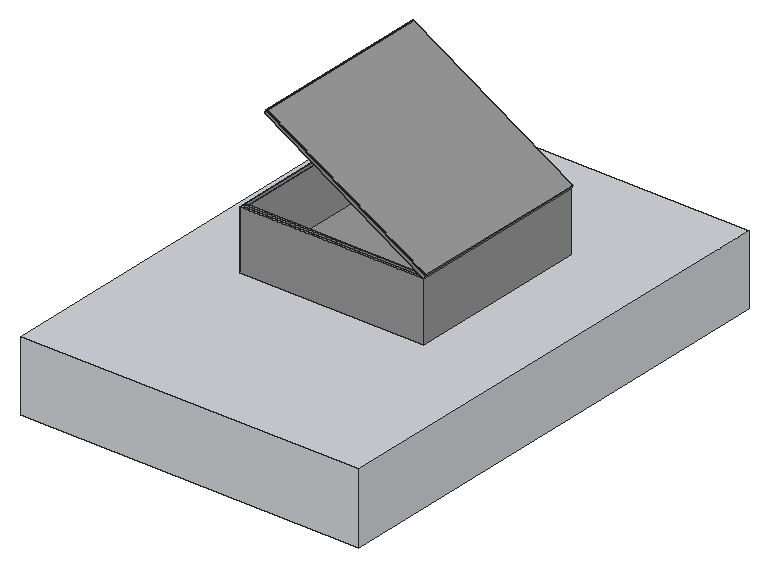
Revit family "Hager-Univers-IP55-D275-H800-Cl.I-Steel_encl-PL-en", category Equipement électrique, Revit 2020
Family settings
  Hôte = Face
  Configuration du panneau = Deux colonnes, circuits au sein
  Cote de connecteur circulaire = Utiliser le diamètre
  Type d'élément = Tableau de raccordement
  Couper avec des vides une fois chargée = Non
  Partagée = Non
  Point de calcul de pièce = Non
Parameters (values of type "Surface mounted (plaster) IP55 W800 H800 D275  - FR53E")
  Width Control [instance] = if([EF000008 - Width] > Min Width, [EF000008 - Width], Min Width)  # 800 mm
  Commentaires du type = [HG000003 - Range]  # "Univers"
  Thickness Door [instance] = if([EF009171 - Material plate thickness door/cover] > 3 mm, 3 mm, [EF009171 - Material plate thickness door/cover])  # 1.5 mm
  Seal Frame Offset [instance] = 17 mm  # constant formula
  Plinth Visibility [instance] = [HG000027 - Plinth height] > 0 mm  # no
  Model = ""
  Min Width [instance] = 100 mm  # constant formula
  Min Height [instance] = 100 mm  # constant formula
  Min Depth [instance] = (2 * [EF009170 - Material plate thickness cabinet]) + 1 mm  # 4 mm
  Internal Frame Depth [instance] = (Door System Depth * 0.5)  # 9 mm
  Height Control [instance] = if([EF000040 - Height] > Min Height, [EF000040 - Height], Min Height)  # 800 mm
  HG000027 - Plinth height = 0 mm
  HG000026 - Floor standing = no
  HG000024 - Bottom section height = 800 mm
  HG000023 - Double section enclosure = no
  HG000016 - Door 3d visibility [instance] = yes
  HG000015 - Clearance visibility [instance] = no
  HG000014 - Door on the right [instance] = yes
  HG000013 - Door on the left [instance] = not([HG000014 - Door on the right])  # no
  HG000012 - Door swing angle [instance] = 30.00°
  HG000010 - Asymmetric doors = no
  HG000009 - Double swing door = no
  HG000006 - Flush mounted = no
  HG000004 - Manufacturer reference = "FR53E"
  HG000003 - Range = "Univers"
  HG000002 - With door or cover = yes
  Frame Offset Bottom [instance] = 10 mm  # constant formula
  Frame Offset [instance] = 15 mm  # constant formula
  EF015940 - Cover with overpressure release = no
  EF011959 - Degree of protection (NEMA) = ""
  EF009554 - Number of openings for flange plates = 6
  EF009212 - Cover model = "EV000116 - Closed"
  EF009171 - Material plate thickness door/cover = 1.5 mm
  EF009170 - Material plate thickness cabinet = 1.5 mm
  Fabricant = "Hager"  # constant formula
  EF008873 - Nominal current (In) = 800 A
  EF007800 - Suitable for lightning protection = no
  EF006306 - With lock = no
  EF006244 - Transparent cover/door = no
  EF005474 - Degree of protection (IP) = "EV006420 - IP55"
  EF004464 - Type of door = "EV002646 - Single"
  EF004427 - Number of modules = 180
  EF004293 - Impact strength = "EV008784 - IK10"
  EF003532 - Suitable for outdoor use = no
  EF002950 - Width in number of modular spacings = 24
  EF001613 - Circuit integrity = "EV000494 - None"
  EF001596 - Material housing = "EV000179 - Steel"
  EF001131 - Internal depth = 275 mm
  EF001088 - Extension possible = yes
  EF000437 - Number of conduit inlets = 6
  EF000339 - Type of cover = "EV004216 - Door"
  EF000266 - Number of rows = 5
  EF000218 - Built-in depth = 0 mm
  EF000118 - With mounting plate = no
  EF000116 - RAL-number = "7035"
  EF000049 - Depth = 275 mm
  EF000040 - Height = 800 mm
  EF000008 - Width = 800 mm
  EF000007 - Colour = "EV000270 - Grey"
  EF000003 - Mounting method = "EV000384 - Surface mounted (plaster)"
  Door System Leaf Tolerance [instance] = 1.5 mm  # constant formula
  Door System Depth [instance] = 18 mm  # constant formula
  Door Height [instance] = Height Control - [HG000027 - Plinth height]  # 800 mm
  Depth Control [instance] = if([EF000049 - Depth] > Min Depth, [EF000049 - Depth], Min Depth)  # 275 mm
  Default Elevation = 0 mm
  Connector Offset [instance] = Height Control / 2  # 400 mm
  Bottom Top Plate Trim [instance] = 1.5 mm  # constant formula
  Plinth height Ctrl [instance] = if([HG000027 - Plinth height] > 0 mm, [HG000027 - Plinth height], 12 mm)  # 12 mm
Types (5, lengths in mm): name | Width Control | HG000010 - Asymmetric doors | HG000009 - Double swing door | HG000004 - Manufacturer reference | EF009554 - Number of openings for flange plates | EF004464 - Type of door | EF004427 - Number of modules | EF000437 - Number of conduit inlets | EF000008 - Width
  Surface mounted (plaster) IP55 W1050 H800 D275  - FR54E | 1050 | no | yes | "FR54E" | 8 | "EV003602 - Double" | 240 | 8 | 1050
  Surface mounted (plaster) IP55 W1300 H800 D275  - FR55E | 1300 | yes | yes | "FR55E" | 10 | "EV003602 - Double" | 300 | 10 | 1300
  Surface mounted (plaster) IP55 W300 H800 D275  - FR51E | 300 | no | no | "FR51E" | 2 | "EV002646 - Single" | 60 | 2 | 300
  Surface mounted (plaster) IP55 W550 H800 D275  - FR52E | 550 | no | no | "FR52E" | 4 | "EV002646 - Single" | 120 | 4 | 550
  Surface mounted (plaster) IP55 W800 H800 D275  - FR53E | 800 | no | no | "FR53E" | 6 | "EV002646 - Single" | 180 | 6 | 800
Reference planes
  plane 1 "Center (Front/Back)": y = 0
  plane 2: z = 0
  plane 3 "Center (Left/Right)": x = 0
  plane 4: z = 275
  plane 5: y = 1.5
  plane 6: y = 400
  plane 7: y = 0
  plane 8: y = 800
  plane 9: z = 0
  plane 10: x = -385
  plane 11: x = 385
  plane 12: x = 383.5
  plane 13: x = -383.5
  plane 14: y = 798.5
  plane 15: x = -383
  plane 16: x = -400
  plane 17: x = 383
  plane 18: x = 400
  plane 19: x = 398.5
  plane 20: x = -398.5
  plane 21: y = 11.5
  plane 22: y = 800
  plane 23: y = 783.5
  plane 24: z = 257
  plane 25: z = 1.5
  plane 26: z = 255.5
  plane 27: z = 273.5
Forms (mm)
  Extrusion 1, solid
    sketch origin (0, 0, 0) x (1, 0, 0) y (0, 1, 0)
      loop
        line (-702.964, 1305) -> (-702.964, -811.445) -> (766.763, -811.445) -> (766.763, 1305) -> (-702.964, 1305)
    from 0 to -304.8
  Extrusion 2, solid, material "Hager_Steel_RAL7035_Light_Grey", visible <- "Plinth Visibility", detail levels medium+fine
    sketch origin (0, 0, 0) x (1, 0, 0) y (0, 1, 0)
      loop
        line (-400, 0) -> (400, 0) -> (400, 12) -> (-400, 12) -> (-400, 0)
    from 0 to 257
  Extrusion 3, solid, material "Hager_Steel_RAL7035_Light_Grey", detail levels medium+fine
    sketch origin (0, 0, 0) x (1, 0, 0) y (0, 1, 0)
      loop
        line (-400, 0) -> (400, 0) -> (400, 800) -> (-400, 800) -> (-400, 0)
    from 0 to 257
  Extrusion 4, void
    sketch origin (0, 0, 0) x (1, 0, 0) y (0, 1, 0)
      loop
        line (-398.5, 1.5) -> (398.5, 1.5) -> (398.5, 798.5) -> (-398.5, 798.5) -> (-398.5, 1.5)
    from 1.5 to 255.5
  Extrusion 5, void
    sketch origin (-381.607, -4572, 257) x (0, -1, 0) y (-1, 0, 0)
      loop
        line (-4583.5, 1.893) -> (-5355.5, 1.893) -> (-5355.5, -765.107) -> (-4583.5, -765.107) -> (-4583.5, 1.893)
    from 0 to 1.5 <- "EF009170 - Material plate thickness cabinet"
  Extrusion 6, solid, material "Hager_Steel_RAL7035_Light_Grey", detail levels fine
    sketch origin (0, 0, 257) x (1, 0, 0) y (0, 1, 0)
      loop
        line (-383.5, 783.5) -> (-383.5, 11.5) -> (383.5, 11.5) -> (383.5, 783.5) -> (-383.5, 783.5)
      loop
        line (-385, 10) -> (385, 10) -> (385, 785) -> (-385, 785) -> (-385, 10)
    from 0 to 9 <- "Internal Frame Depth"
  Extrusion 7, solid, material "Hager_Steel_RAL7035_Light_Grey", detail levels coarse
    sketch origin (0, 0, 0) x (1, 0, 0) y (0, 1, 0)
      loop
        line (-400, 0) -> (400, 0) -> (400, 800) -> (-400, 800) -> (-400, 0)
    from 0 to 275
  Sweep 8, void
    path in 3D
      loop
        line (-400, 12, 0) -> (400, 12, 0) -> (400, 12, 257) -> (-400, 12, 257) -> (-400, 12, 0)
    profile origin (-400, 12, 128.5) x (-1, 0, 0) y (0, -1, 0)
      loop
        line (0, 0) -> (0, 1.5) -> (-1.5, 1.5)
        arc (-1.5, 1.5) -> (-1.061, 0.439) -> (0, 0) r 1.5
Cuts and joins
  Extrusion 4, Extrusion 5 cuts Extrusion 3
  Sweep 8 cuts Extrusion 2
Lines and regions (mm)
  Masking region 1
    outline origin (0, 0, 0) x (1, 0, 0) y (0, 0, 1)
      loop
        line (-400, 275) -> (-400, 0) -> (400, 0) -> (400, 275) -> (-400, 275)
  Masking region 2, detail levels medium+fine
    outline origin (0, 140, 0) x (0, 1, 0) y (0, 0, 1)
      loop
        line (-140, 0) -> (660, 0) -> (660, 257) -> (-140, 257) -> (-140, 0)
  Masking region 3, not visible, detail levels medium+fine
    outline origin (0, 297.922, 0) x (0, 1, 0) y (0, 0, 1)
      loop
        line (113.578, 0) -> (153.578, 0) -> (153.578, 263.5)
        arc (153.578, 263.5) -> (150.649, 270.571) -> (143.578, 273.5) r 10
        line (143.578, 273.5) -> (113.578, 273.5) -> (113.578, 0)
  Masking region 4, detail levels coarse
    outline origin (0, 0, 180) x (0, 1, 0) y (0, 0, 1)
      loop
        line (0, -180) -> (800, -180) -> (800, 95) -> (0, 95) -> (0, -180)
  Masking region 5, visible <- "Plinth Visibility", detail levels medium+fine
    outline origin (0, 52.24, 12.345) x (0, 0, -1) y (0, 1, 0)
      loop
        line (10.845, -40.24) -> (-243.155, -40.24)
        arc (-243.155, -40.24) -> (-243.594, -41.301) -> (-244.655, -41.74) r 1.5
        line (-244.655, -41.74) -> (-244.655, -52.24) -> (12.345, -52.24) -> (12.345, -41.74)
        arc (12.345, -41.74) -> (11.285, -41.301) -> (10.845, -40.24) r 1.5
  Masking region 6, detail levels medium+fine
    outline origin (-381.607, -4572, 257) x (-1, 0, 0) y (0, -1, 0)
      loop
        line (18.393, -5372) -> (18.393, -4572) -> (-781.607, -4572) -> (-781.607, -5372) -> (18.393, -5372)
  Masking region 7, visible <- "Plinth Visibility", detail levels medium+fine
    outline origin (-381.607, -4727, 257) x (-1, 0, 0) y (0, -1, 0)
      loop
        arc (16.893, -4739) -> (17.332, -4737.939) -> (18.393, -4737.5) r 1.5
        line (18.393, -4737.5) -> (18.393, -4727) -> (-781.607, -4727) -> (-781.607, -4737.5)
        arc (-781.607, -4737.5) -> (-780.546, -4737.939) -> (-780.107, -4739) r 1.5
        line (-780.107, -4739) -> (16.893, -4739)
  Masking region 8, detail levels coarse
    outline origin (-442.548, -4669.526, 257) x (-1, 0, 0) y (0, -1, 0)
      loop
        line (-42.548, -5469.526) -> (-42.548, -4669.526) -> (-842.548, -4669.526) -> (-842.548, -5469.526) -> (-42.548, -5469.526)
  sketch lines
    curve 1: line (-400, 12, 257) -> (-400, 12, 0)
    curve 2: line (400, 12, 257) -> (-400, 12, 257)
    curve 3: line (400, 12, 257) -> (400, 12, 0)
    curve 4: line (-400, 12, 0) -> (400, 12, 0)
Dimensions and locks
  "Depth Control": plane 4 to Extrusion 1
  "HG000027 - Plinth height": plane 1 "Center (Front/Back)" to plane 7
  "EF009170 - Material plate thickness cabinet": plane 5 to plane 7
  locked: connector elem to plane 3 "Center (Left/Right)"
  equal spacing: plane 8, plane 6, plane 7
  locked: connector elem to plane 6
  "EF009170 - Material plate thickness cabinet": plane 8 to plane 14
  "EF009170 - Material plate thickness cabinet": plane 10 to plane 13
  "EF009170 - Material plate thickness cabinet": plane 12 to plane 11
  "Frame Offset": plane 20 to plane 13
  "Frame Offset": plane 12 to plane 19
  "EF009170 - Material plate thickness cabinet": plane 16 to plane 20
  "EF009170 - Material plate thickness cabinet": plane 19 to plane 18
  "Seal Frame Offset": plane 16 to plane 15
  "Seal Frame Offset": plane 17 to plane 18
  "Frame Offset Bottom": plane 21 to plane 5
  "Frame Offset": plane 14 to plane 23
  equal spacing: plane 16, plane 3 "Center (Left/Right)", plane 18
  "Width Control": plane 16 to plane 18
  "EF009170 - Material plate thickness cabinet": plane 4 to plane 27
  "EF009170 - Material plate thickness cabinet": plane 24 to plane 26
  "EF009170 - Material plate thickness cabinet": plane 25 to level
  "Door System Depth": plane 4 to plane 24
  "Height Control": plane 1 "Center (Front/Back)" to Extrusion 7 sketch curve
  "Height Control": Masking region 4 sketch curve to plane 1 "Center (Front/Back)"
  "Height Control": plane 1 "Center (Front/Back)" to plane 22
  "Bottom Top Plate Trim": profile plane to Sweep 8 sketch curve
  "Bottom Top Plate Trim": Sweep 8 sketch curve to profile plane
  "Plinth height Ctrl": plane 1 "Center (Front/Back)" to Extrusion 2 sketch curve
  "Plinth height Ctrl": Masking region 5 sketch curve to plane 1 "Center (Front/Back)"
  "Plinth height Ctrl": plane 1 "Center (Front/Back)" to Masking region 7 sketch curve
  "Thickness Door": Extrusion 6 sketch curve to Extrusion 6 sketch curve  (x3)
  "Thickness Door": cut or joined group of Extrusion 3, Extrusion 4, Extrusion 5 to Extrusion 6 sketch curve
  radius of Masking region 3 sketch curve = 10 mm
  "Bottom Top Plate Trim": radius of Masking region 5 sketch curve  (x2)
  "Bottom Top Plate Trim": radius of Sweep 8 sketch curve
  "Bottom Top Plate Trim": radius of Masking region 7 sketch curve  (x2)
  aligned and locked: plane 2 to Extrusion 1
  aligned and locked: level to Extrusion 1
  aligned and locked: level to Masking region 1 sketch curve
  aligned and locked: Masking region 1 sketch curve to plane 18
  aligned and locked: Masking region 1 sketch curve to plane 16
  aligned and locked: plane 7 to Masking region 2 sketch curve
  aligned and locked: level to Masking region 3 sketch curve
  aligned and locked: Masking region 3 sketch curve to plane 27
  aligned and locked: level to Masking region 2 sketch curve
  aligned and locked: plane 1 "Center (Front/Back)" to Extrusion 2 sketch curve
  aligned and locked: Extrusion 3 sketch curve to plane 7
  aligned and locked: plane 16 to Extrusion 3 sketch curve
  aligned and locked: plane 18 to Extrusion 3 sketch curve
  aligned and locked: plane 20 to Extrusion 4 sketch curve
  aligned and locked: plane 19 to Extrusion 4 sketch curve
  aligned and locked: Extrusion 4 sketch curve to plane 5
  aligned and locked: Extrusion 4 to plane 25
  aligned and locked: plane 26 to Extrusion 4
  aligned and locked: plane 24 to Extrusion 3
  aligned and locked: Extrusion 5 sketch curve to plane 21
  aligned and locked: Extrusion 5 sketch curve to plane 13
  aligned and locked: Extrusion 5 sketch curve to plane 12
  aligned and locked: plane 18 to Extrusion 7 sketch curve
  aligned and locked: plane 1 "Center (Front/Back)" to Extrusion 7 sketch curve
  aligned and locked: plane 16 to Extrusion 7 sketch curve
  aligned and locked: plane 4 to Extrusion 7
  aligned and locked: Extrusion 7 to level
  aligned and locked: level to Masking region 4 sketch curve
  aligned and locked: Masking region 4 sketch curve to plane 1 "Center (Front/Back)"
  aligned and locked: Masking region 4 sketch curve to plane 4
  aligned and locked: nested 1 to level
  aligned and locked: nested 1 to plane 16
  aligned and locked: plane 8 to Extrusion 3 sketch curve
  aligned and locked: plane 23 to Extrusion 5 sketch curve
  aligned and locked: plane 14 to Extrusion 4 sketch curve
  aligned and locked: Masking region 2 sketch curve to plane 8
  aligned and locked: level to Masking region 5 sketch curve
  aligned and locked: plane 16 to Extrusion 2 sketch curve
  aligned and locked: plane 18 to Extrusion 2 sketch curve
  aligned and locked: Masking region 5 sketch curve to plane 24
  aligned and locked: Masking region 2 sketch curve to plane 24
  aligned and locked: plane 24 to Extrusion 2
  aligned and locked: profile plane to Sweep 8 sketch curve  (x2)
  aligned and locked: Masking region 6 sketch curve to plane 18
  aligned and locked: Masking region 6 sketch curve to plane 22
  aligned and locked: Masking region 6 sketch curve to plane 16
  aligned and locked: plane 8 to plane 22
  aligned and locked: Masking region 6 sketch curve to plane 7
  aligned and locked: Masking region 7 sketch curve to plane 16
  aligned and locked: Masking region 7 sketch curve to plane 1 "Center (Front/Back)"
  aligned and locked: Masking region 7 sketch curve to plane 18
  aligned and locked: Masking region 8 sketch curve to plane 1 "Center (Front/Back)"
  aligned and locked: Masking region 8 sketch curve to plane 18
  aligned and locked: Masking region 8 sketch curve to plane 22
  aligned and locked: Masking region 8 sketch curve to plane 16
  aligned and locked: nested 2 to plane 7
  aligned and locked: plane 3 "Center (Left/Right)" to nested 2
  aligned and locked: nested 2 to plane 24
  aligned and locked: Extrusion 6 sketch curve to cut or joined group of Extrusion 3, Extrusion 4, Extrusion 5  (x4)
Automatic sketch dimensions
  Extrusion 1 sketch curve to Extrusion 1 sketch curve = 1469.727 mm
  Extrusion 1 sketch curve to Extrusion 1 sketch curve = 2116.445 mm
  Masking region 1 sketch curve to plane 4 = 0 mm
  plane 6 to Masking region 3 sketch curve = 11.5 mm
  Masking region 3 sketch curve to Masking region 3 sketch curve = 30 mm
  Masking region 5 sketch curve to plane 1 "Center (Front/Back)" = 0 mm
Nested families
  nested 1: "Hager_Enclosure_Symbol" at (-400, 0, 0) x (1, 0, 0) z (0, -1, 0), Height <- "Depth Control", Width <- "Width Control", type "Hager_Enclosure_Symbol"
    with Width_Ctrl 800 mm, Width 800 mm, Height_Ctrl 275 mm, Height 275 mm, A_Width_Int 18.047 mm, A_Width 216.562 mm, A_Height_Ctrl 240.625 mm, A_Height 240.625 mm
  nested 2: "EC000058_Univers_Door" at (0, 0, 257) x (1, 0, 0) z (0, 1, 0), Leaf_Tolerance <- "Door System Leaf Tolerance", Angle <- "HG000012 - Door swing angle", Door_Depth <- "Door System Depth", Door_Left <- "HG000013 - Door on the left", Transparent <- "EF006244 - Transparent cover/door", Assymetrical <- "HG000010 - Asymmetric doors", Width <- "Width Control", Clearance <- "HG000015 - Clearance visibility", Double <- "HG000009 - Double swing door", 3d_Door <- "HG000016 - Door 3d visibility", Lock_Visibility <- "EF006306 - With lock", Width_Ctrl <- "Width Control", Door_Right <- "HG000014 - Door on the right", Door <- "HG000002 - With door or cover", Height <- "Door Height", Thickness <- "Thickness Door", type "EC000058_Univers_Door", detail levels medium+fine
    with min_wh 4 mm, Width_Ctrl 800 mm, Width 800 mm, Transparent no, Thickness 1.5 mm, Seal_Material Hager_Rubber, Lock_Visibility no, Lock_Material Hager_Plastic_RAL9005_Jet_Black, Leaf_Width 800 mm, Leaf_Tolerance_External_Sides 0 mm, Leaf_Tolerance 1.5 mm, Leaf_Offset 0 mm, Leaf_Height 797 mm, Leaf_2_Width 800 mm, Leaf_2_Offset 400 mm, Leaf_1_Width 800 mm, Leaf_1_Offset 400 mm, Height_Ctrl 800 mm, Height 800 mm, Glass_Material Hager_Glass, Double_Clearance_Ctrl no, Double no, Door_Right_Ctrl yes, Door_Right yes, Door_Material Hager_Steel_RAL7035_Light_Grey, Door_Left_Ctrl no, Door_Left no, Door_Depth 18 mm, Door yes, Clearance_Material Hager_Clearance, Clearance_Depth 800 mm, Clearance_Ctrl no, Clearance no, Assymetrical no, Angle 30.00°, 3d_Door yes
Connectors
  electrical at (0, 400, 0)
    settings: on plane 9, index 1, voltage 0 V, apparent load 0 VA, apparent load phase1 0 VA, apparent load phase2 0 VA, apparent load phase3 0 VA, power factor 1, load classification "Other", number of poles 1, system type 30, power factor state 1, is connector primary yes, connector utility no, sub classification motor no, connector description ""
Definition of nested family "EC000058_Univers_Door"
  Parameters (values of type "EC000058_Univers_Door")
    min_wh [instance] = (2 * Thickness) + 1 mm  # 11 mm
    Width_Ctrl [instance] = 400 mm
    Width [instance] = 500 mm
    Transparent [instance] = yes
    Thickness [instance] = 5 mm
    Seal_Material [instance] = none
    Lock_Visibility [instance] = yes
    Lock_Material [instance] = none
    Leaf_Width [instance] = if((Width_Ctrl - 2 * Leaf_Tolerance_External_Sides) > 0 mm, (Width_Ctrl - 2 * Leaf_Tolerance_External_Sides), min_wh)  # 400 mm
    Leaf_Tolerance_External_Sides [instance] = 0 mm  # constant formula
    Leaf_Tolerance [instance] = 1.5 mm
    Leaf_Offset [instance] = 0 mm  # constant formula
    Leaf_Height [instance] = if((Height_Ctrl - 2 * Leaf_Tolerance) > 0 mm, (Height_Ctrl - 2 * Leaf_Tolerance), min_wh)  # 497 mm
    Leaf_2_Width [instance] = if(and(and(Double, Assymetrical), Door_Left), (Leaf_Width / 3) - (Leaf_Tolerance / 2), if(and(and(Double, Assymetrical), Door_Right), (Leaf_Width / 3) * 2 - (Leaf_Tolerance / 2), if(and(Double, not(Assymetrical)), (Leaf_Width / 2) - Leaf_Tolerance, Leaf_Width)))  # 400 mm
    Leaf_2_Offset [instance] = if(and(Double, Assymetrical), Leaf_2_Width / 2, if(and(Double, not(Assymetrical)), Leaf_Width / 4, Leaf_Width / 2))  # 200 mm
    Leaf_1_Width [instance] = if(and(and(Double, Assymetrical), Door_Right), (Leaf_Width / 3) - (Leaf_Tolerance / 2), if(and(and(Double, Assymetrical), Door_Left), (Width / 3) * 2 - (Leaf_Tolerance / 2), if(and(Double, not(Assymetrical)), (Leaf_Width / 2) - Leaf_Tolerance, Leaf_Width)))  # 400 mm
    Leaf_1_Offset [instance] = if(and(Double, Assymetrical), Leaf_1_Width / 2, if(and(Double, not(Assymetrical)), Leaf_Width / 4, Leaf_Width / 2))  # 200 mm
    Height_Ctrl [instance] = if(Height > min_wh, Height, min_wh)  # 500 mm
    Height [instance] = 500 mm
    Glass_Material [instance] = none
    Double_Clearance_Ctrl [instance] = and(Double, Clearance)  # no
    Double [instance] = no
    Door_Right_Ctrl [instance] = and(or(Door_Right, Double), Door)  # yes
    Door_Right [instance] = yes
    Door_Material [instance] = none
    Door_Left_Ctrl [instance] = and(or(Door_Left, Double), Door)  # no
    Door_Left [instance] = no
    Door_Depth [instance] = 30 mm
    Door [instance] = yes
    Default Elevation = 1219.2 mm
    Clearance_Material [instance] = none
    Clearance_Depth [instance] = if(Leaf_1_Width > Leaf_2_Width, Leaf_1_Width, Leaf_2_Width)  # 400 mm
    Clearance_Ctrl [instance] = and(not(Double), Clearance)  # yes
    Clearance [instance] = yes
    Assymetrical [instance] = yes
    Angle [instance] = 30.00°
    3d_Door [instance] = yes
  Reference planes
    plane 1 "Center (Front/Back)": y = 0
    plane 2 "Bottom": z = 0
    plane 3 "Center (Left/Right)": x = 0
    plane 4: z = 500
    plane 5: x = -200
    plane 6: x = 200
    plane 7: z = 500
    plane 8: x = -200
    plane 9: z = 0
    plane 10: x = 200
    plane 11: y = 0
    plane 12: z = 1.5
    plane 13: x = -600
    plane 14: y = -400
    plane 15: x = 600
    plane 16: x = 0
    plane 17: x = 0
    plane 18: x = -200
    plane 19: x = 200
    plane 20: z = 498.5
  Forms (mm)
    Extrusion 1, solid, material <- "Clearance_Material", visible <- "Double_Clearance_Ctrl"
      sketch origin (1200, 0, 0) x (1, 0, 0) y (0, 0, -1)
        loop
          line (-1800, -498.5) -> (-600, -498.5) -> (-600, 0) -> (-1800, 0) -> (-1800, -498.5)
      from 0 to -400
  Dimensions and locks
    equal spacing: plane 5, plane 3 "Center (Left/Right)", plane 6
    "Width_Ctrl": plane 5 to plane 6
    "Leaf_Offset": plane 5 to plane 8
    "Leaf_Offset": plane 6 to plane 10
    "Leaf_Offset": plane 9 to level
    "Leaf_Offset": plane 4 to plane 7
    "Height_Ctrl": plane 4 to level
    "Leaf_Tolerance": plane 12 to plane 9
    locked: plane 11 to plane 1 "Center (Front/Back)"
    "Leaf_1_Offset": plane 18 to plane 16
    "Leaf_2_Offset": plane 17 to plane 19
    "Leaf_1_Width": plane 13 to plane 8
    "Leaf_2_Width": plane 10 to plane 15
    "Clearance_Depth": plane 14 to plane 1 "Center (Front/Back)"
    "Leaf_Tolerance_External_Sides": plane 8 to plane 18
    "Leaf_Tolerance_External_Sides": plane 19 to plane 10
    "Leaf_Tolerance": plane 7 to plane 20
    aligned and locked: level to plane 2 "Bottom"
    aligned and locked: nested 1 to plane 16
    aligned and locked: nested 2 to plane 17
    aligned and locked: Extrusion 1 to plane 13
    aligned and locked: plane 15 to Extrusion 1
    aligned and locked: Extrusion 1 to plane 14
    aligned and locked: plane 12 to nested 1
    aligned and locked: nested 2 to plane 12
    aligned and locked: Extrusion 1 to plane 11
    aligned and locked: plane 20 to Extrusion 1
    aligned and locked: nested 2 to plane 11
    aligned and locked: nested 1 to plane 11
  Automatic sketch dimensions
    Extrusion 1 sketch curve to level = 0 mm
    plane 5 to Extrusion 1 sketch curve = 400 mm
    plane 6 to Extrusion 1 sketch curve = 400 mm
    Extrusion 1 sketch curve to plane 4 = 1.5 mm
  Nested families
    nested 1: "EC000058_Univers_Door_Leaf" at (0, 0, 1.5), Width <- "Leaf_1_Width", visible <- "Door_Left_Ctrl", Leaf_Height <- "Leaf_Height", Angle <- "Angle", 3d_Door <- "3d_Door", Transparent <- "Transparent", Clearance Material <- "Clearance_Material", Clearance <- "Clearance_Ctrl", Door_Material <- "Door_Material", Glass_Material <- "Glass_Material", Door_Depth <- "Door_Depth", Lock_Material <- "Lock_Material", Seal_Material <- "Seal_Material", Lock_Visibility <- "Lock_Visibility", Thickness <- "Thickness", type "EC000058_Univers_Door_Leaf"
      with Width 400 mm, Transparent_Glass_Offset 30 mm, Transparent_Ctrl yes, Transparent yes, Thickness 5 mm, Standard no, Seal_Material none, Seal_D2 8 mm, Seal_D1 1 mm, Offset_Internal_Frame 10 mm, Lock_Width 20 mm, Lock_Visibility_3d yes, Lock_Visibility yes, Lock_Thickness_3 3 mm, Lock_Thickness_2 1 mm, Lock_Thickness_1 3 mm, Lock_Radius_Offset_2 16 mm, Lock_Radius_Offset_1 15 mm, Lock_Radius_2 5 mm, Lock_Radius 6 mm, Lock_Offset 5 mm, Lock_Material none, Lock_Height 80 mm, Lock_Cover_Top_Offset_2d 17 mm, Lock_Cover_Height -65 mm, Leaf_Height 497 mm, Internal_Seal_Thickness 8 mm, Internal_Seal_Depth_2 4.5 mm, Internal_Frame_Depth 25 mm, Glass_Thickness -1 mm, Glass_Offset -2 mm, Glass_Material none, Door_Material none, Door_Depth 30 mm, Clearance Material none, Clearance yes, Angle_Ctrl 30.00°, Angle 30.00°, 3d_Door yes
    nested 2: "EC000058_Univers_Door_Leaf" at (0, 0, 1.5) x (-1, 0, 0) z (0, 0, 1), Width <- "Leaf_2_Width", visible <- "Door_Right_Ctrl", Leaf_Height <- "Leaf_Height", Angle <- "Angle", 3d_Door <- "3d_Door", Transparent <- "Transparent", Clearance Material <- "Clearance_Material", Clearance <- "Clearance_Ctrl", Door_Material <- "Door_Material", Glass_Material <- "Glass_Material", Door_Depth <- "Door_Depth", Lock_Material <- "Lock_Material", Seal_Material <- "Seal_Material", Lock_Visibility <- "Lock_Visibility", Thickness <- "Thickness", type "EC000058_Univers_Door_Leaf"
      with Width 400 mm, Transparent_Glass_Offset 30 mm, Transparent_Ctrl yes, Transparent yes, Thickness 5 mm, Standard no, Seal_Material none, Seal_D2 8 mm, Seal_D1 1 mm, Offset_Internal_Frame 10 mm, Lock_Width 20 mm, Lock_Visibility_3d yes, Lock_Visibility yes, Lock_Thickness_3 3 mm, Lock_Thickness_2 1 mm, Lock_Thickness_1 3 mm, Lock_Radius_Offset_2 16 mm, Lock_Radius_Offset_1 15 mm, Lock_Radius_2 5 mm, Lock_Radius 6 mm, Lock_Offset 5 mm, Lock_Material none, Lock_Height 80 mm, Lock_Cover_Top_Offset_2d 17 mm, Lock_Cover_Height -65 mm, Leaf_Height 497 mm, Internal_Seal_Thickness 8 mm, Internal_Seal_Depth_2 4.5 mm, Internal_Frame_Depth 25 mm, Glass_Thickness -1 mm, Glass_Offset -2 mm, Glass_Material none, Door_Material none, Door_Depth 30 mm, Clearance Material none, Clearance yes, Angle_Ctrl 30.00°, Angle 30.00°, 3d_Door yes
  Definition of nested family "EC000058_Univers_Door_Leaf"
    Parameters (values of type "EC000058_Univers_Door_Leaf")
      Width [instance] = 2000 mm
      Transparent_Glass_Offset [instance] = 30 mm
      Transparent_Ctrl [instance] = and(Transparent, [3d_Door])  # yes
      Transparent [instance] = yes
      Thickness [instance] = 5 mm
      Standard [instance] = and(not(Transparent), [3d_Door])  # no
      Seal_Material [instance] = none
      Seal_D2 [instance] = 8 mm  # constant formula
      Seal_D1 [instance] = 1 mm  # constant formula
      Offset_Internal_Frame [instance] = 10 mm  # constant formula
      Lock_Width [instance] = 20 mm  # constant formula
      Lock_Visibility_3d [instance] = and(Lock_Visibility, [3d_Door])  # yes
      Lock_Visibility [instance] = yes
      Lock_Thickness_3 [instance] = 3 mm  # constant formula
      Lock_Thickness_2 [instance] = 1 mm  # constant formula
      Lock_Thickness_1 [instance] = 3 mm  # constant formula
      Lock_Radius_Offset_2 [instance] = Lock_Radius_Offset_1 + 1 mm  # 16 mm
      Lock_Radius_Offset_1 [instance] = 15 mm  # constant formula
      Lock_Radius_2 [instance] = Lock_Radius - 1 mm  # 5 mm
      Lock_Radius [instance] = 6 mm  # constant formula
      Lock_Offset [instance] = 5 mm  # constant formula
      Lock_Material [instance] = none
      Lock_Height [instance] = 80 mm  # constant formula
      Lock_Cover_Top_Offset_2d [instance] = Lock_Radius_Offset_2 + 1 mm  # 17 mm
      Lock_Cover_Height [instance] = -(Lock_Height - Lock_Radius_Offset_1)  # -65 mm
      Leaf_Height [instance] = 2720.336 mm
      Internal_Seal_Thickness [instance] = 8 mm  # constant formula
      Internal_Seal_Depth_2 [instance] = 4.5 mm  # constant formula
      Internal_Frame_Depth [instance] = if(Door_Depth - Thickness > 5 mm, Door_Depth - Thickness, 5 mm)  # 25 mm
      Glass_Thickness [instance] = if(Thickness > 15 mm, Glass_Offset + 10 mm, -1 mm)  # -1 mm
      Glass_Offset [instance] = if(Thickness > 15 mm, -(Thickness + 10 mm) / 2, -2 mm)  # -2 mm
      Glass_Material [instance] = none
      Door_Material [instance] = none
      Door_Depth [instance] = 30 mm
      Default Elevation = 0 mm
      Clearance Material [instance] = none
      Clearance [instance] = yes
      Angle_Ctrl [instance] = if(Angle > 180.00°, 180.00°, Angle)  # 90.00°
      Angle [instance] = 90.00°
      3d_Door [instance] = yes
    Reference planes
      plane 1 "Center (Front/Back)": y = 0
      plane 2: z = 0
      plane 3 "Center (Left/Right)": x = 0
      plane 4: y = 2000
      plane 5: x = -1000
      plane 6: x = 1000
      plane 7: x = -3000
      plane 8: z = 2720.336
      plane 9: z = 30
      plane 10: z = 2690.336
      plane 11: x = 970
      plane 12: x = -970
      plane 13: y = -3
      plane 14: z = 107.833
      plane 15: y = -5
      plane 16: y = -223.314
      plane 17: x = -1000
      plane 18: z = 1360.168
      plane 19: y = 30
    Forms (mm)
      Extrusion 1, solid, material <- "Clearance Material", visible <- "Clearance"
        sketch origin (0, 0, 0) x (1, 0, 0) y (0, 0, 1)
          loop
            line (-3000, 2720.336) -> (-3000, 0) -> (1000, 0) -> (1000, 2720.336) -> (-3000, 2720.336)
        from 0 to -2000
      Extrusion 2, solid, material <- "Door_Material", visible <- "Standard", detail levels medium+fine
        sketch origin (-1000, 0, 0) x (0, 1, 0) y (-1, 0, 0)
          loop
            line (0, 30) -> (0, 25) -> (2000, 25) -> (2000, 30) -> (0, 30)
        from 0 to 2720.336 <- "Leaf_Height"
      Extrusion 3, solid, material <- "Door_Material", visible <- "Transparent_Ctrl", detail levels medium+fine
        sketch origin (-1000, 0, 0) x (0, 1, 0) y (-1, 0, 0)
          loop
            line (0, 25) -> (2000, 25) -> (2000, 30) -> (0, 30) -> (0, 25)
        from 0 to 2720.336 <- "Leaf_Height"
      Extrusion 4, void
        sketch origin (-1025, 2000, 0) x (0, 1, 0) y (0, 0, -1)
          loop
            line (-30, -2690.336) -> (-30, -30) -> (-1970, -30) -> (-1970, -2690.336) -> (-30, -2690.336)
        from 0 to 5 <- "Thickness"
      Sweep 5, solid, material <- "Seal_Material", visible <- "Transparent_Ctrl", detail levels fine
        path in 3D
          loop
            line (-1025, 30, 30) -> (-1025, 30, 2690.336) -> (-1025, 1970, 2690.336) -> (-1025, 1970, 30) -> (-1025, 30, 30)
        profile origin (-1025, 1000, 30) x (1, 0, 0) y (0, 0, 1)
          loop
            line (0, 0) -> (0, -8) -> (1, -8) -> (1, 0) -> (0, 0)
      Extrusion 6, solid, material <- "Glass_Material", visible <- "Transparent_Ctrl", detail levels medium+fine
        sketch origin (-1030, 0, 0) x (0, 1, 0) y (0, 0, -1)
          loop
            line (1970, -2690.336) -> (1970, -30) -> (30, -30) -> (30, -2690.336) -> (1970, -2690.336)
        from -2 <- "Glass_Offset" to -1 <- "Glass_Thickness"
      Extrusion 7, solid, material <- "Door_Material", visible <- "3d_Door", detail levels medium+fine
        sketch origin (-1025, 2000, 0) x (0, -1, 0) y (0, 0, -1)
          loop
            line (0, -2720.336) -> (2000, -2720.336) -> (2000, 0) -> (0, 0) -> (0, -2720.336)
          loop
            line (1995, -5) -> (5, -5) -> (5, -2715.336) -> (1995, -2715.336) -> (1995, -5)
        from 0 to 25 <- "Internal_Frame_Depth"
      Sweep 8, solid, material <- "Seal_Material", visible <- "Transparent_Ctrl", detail levels fine
        path in 3D
          loop
            line (-1025, 0, 0) -> (-1025, 2000, 0) -> (-1025, 2000, 2720.336) -> (-1025, 0, 2720.336) -> (-1025, 0, 0)
        profile origin (-1025, 0, 1360.168) x (1, 0, 0) y (0, 1, 0)
          loop
            line (0, 10) -> (2.975, 10)
            arc (2.975, 10) -> (4.053, 10.447) -> (4.5, 11.525) r 1.525
            line (4.5, 11.525) -> (4.5, 16.527)
            arc (4.5, 16.527) -> (4.069, 17.569) -> (3.027, 18) r 1.473
            line (3.027, 18) -> (0, 18) -> (0, 10)
      Extrusion 9, solid, material <- "Lock_Material", visible <- "Lock_Visibility_3d", detail levels fine
        sketch origin (-1030, 0, 0) x (0, 1, 0) y (0, 0, -1)
          loop
            arc (1993.5, -1400.168) -> (1994.561, -1399.729) -> (1995, -1398.668) r 1.5
            line (1995, -1398.668) -> (1995, -1320.168) -> (1975, -1320.168) -> (1975, -1398.668)
            arc (1975, -1398.668) -> (1975.439, -1399.729) -> (1976.5, -1400.168) r 1.5
            line (1976.5, -1400.168) -> (1993.5, -1400.168)
        from 3 <- "Lock_Thickness_1" to 0
      Blend 10, solid, material <- "Lock_Material", visible <- "Lock_Visibility_3d", detail levels fine
        base sketch origin (-1033, 0, 0) x (0, 1, 0) y (0, 0, -1)
          loop
            line (1975, -1320.168) -> (1975, -1398.668)
            arc (1975, -1398.668) -> (1975.439, -1399.729) -> (1976.5, -1400.168) r 1.5
            line (1976.5, -1400.168) -> (1993.5, -1400.168)
            arc (1993.5, -1400.168) -> (1994.561, -1399.729) -> (1995, -1398.668) r 1.5
            line (1995, -1398.668) -> (1995, -1320.168) -> (1975, -1320.168)
        top sketch origin (-1033, 0, 0) x (0, 1, 0) y (0, 0, -1)
          loop
            line (1976, -1320.168) -> (1976, -1398.668)
            arc (1976, -1398.668) -> (1976.146, -1399.022) -> (1976.5, -1399.168) r 0.5
            line (1976.5, -1399.168) -> (1993.5, -1399.168)
            arc (1993.5, -1399.168) -> (1993.854, -1399.022) -> (1994, -1398.668) r 0.5
            line (1994, -1398.668) -> (1994, -1320.168) -> (1976, -1320.168)
        from 0 to 1 <- "Lock_Thickness_2"
      Blend 11, solid, material <- "Lock_Material", visible <- "Lock_Visibility_3d", detail levels fine
        base sketch origin (-1034, 0, 0) x (0, 1, 0) y (0, 0, -1)
          loop
            line (1978, -1320.168) -> (1978, -1384.168)
            arc (1978, -1384.168) -> (1985, -1391.168) -> (1992, -1384.168) r 7
            line (1992, -1384.168) -> (1992, -1320.168) -> (1978, -1320.168)
        top sketch origin (-1034, 0, 0) x (0, 1, 0) y (0, 0, -1)
          loop
            line (1991, -1320.168) -> (1979, -1320.168) -> (1979, -1383.168)
            arc (1979, -1383.168) -> (1985, -1389.168) -> (1991, -1383.168) r 6
            line (1991, -1383.168) -> (1991, -1320.168)
        from 0 to 3 <- "Lock_Thickness_3"
      Extrusion 12, solid, material <- "Lock_Material", visible <- "Lock_Visibility_3d", detail levels fine
        sketch origin (-1030, 1975, 1320.168) x (1, 0, 0) y (0, -1, 0)
          loop
            line (-7, -19) -> (-7, -1) -> (0, -1) -> (0, 0) -> (-8, 0) -> (-8, -20) -> (0, -20) -> (0, -19) -> (-7, -19)
        from 0 to -65 <- "Lock_Cover_Height"
      Extrusion 13, void
        sketch origin (-1038, 1995, 1320.168) x (-1, 0, 0) y (0, 0, -1)
          loop
            line (-5, -65) -> (0, -65) -> (-5, -60) -> (-5, -65)
        from 0 to 20 <- "Lock_Width"
      Extrusion 14, void
        sketch origin (-1038, 1975, 1320.168) x (0, -1, 0) y (0, 0, -1)
          loop
            circle (-10, -15.995) r 6
          loop
            circle (-10, -15.995) r 5
        from 0 to 2
      Extrusion 15, solid, material <- "Lock_Material", visible <- "Lock_Visibility_3d", detail levels medium
        sketch origin (-1030, 0, 0) x (0, 1, 0) y (0, 0, -1)
          loop
            arc (1993.5, -1400.168) -> (1994.561, -1399.729) -> (1995, -1398.668) r 1.5
            line (1995, -1398.668) -> (1995, -1320.168) -> (1975, -1320.168) -> (1975, -1398.668)
            arc (1975, -1398.668) -> (1975.439, -1399.729) -> (1976.5, -1400.168) r 1.5
            line (1976.5, -1400.168) -> (1993.5, -1400.168)
        from 8 to 0
    Cuts and joins
      Extrusion 4 cuts Extrusion 3
      Extrusion 13, Extrusion 14 cuts Extrusion 9
      Extrusion 14 cuts Blend 11
      Extrusion 13, Extrusion 14 cuts Extrusion 12
      joined: Extrusion 9, Blend 10, Blend 11, Extrusion 12
      Extrusion 14 cuts Extrusion 15
    Lines and regions (mm)
      Masking region 1, visible <- "Lock_Visibility", detail levels fine
        outline origin (0, 0, 0) x (0, 1, 0) y (0, 0, 1)
          loop
            line (30, 1320.168) -> (33, 1320.168) -> (33, 1400.168) -> (30, 1400.168) -> (30, 1320.168)
      Masking region 2, visible <- "Lock_Visibility", detail levels fine
        outline origin (0, 3.143, 0) x (0, 1, 0) y (0, 0, 1)
          loop
            line (29.857, 1354.168) -> (30.857, 1354.168) -> (30.857, 1366.168) -> (29.857, 1366.168) -> (29.857, 1354.168)
      Masking region 3, detail levels medium+fine
        outline origin (0, 0, 0) x (0, 1, 0) y (0, 0, 1)
          loop
            line (0, 0) -> (30, 0) -> (30, 2720.336) -> (0, 2720.336) -> (0, 0)
      Masking region 4, detail levels medium+fine
        outline origin (0, 0, 0) x (1, 0, 0) y (0, 0, 1)
          loop
            line (-1000, 2720.336) -> (-1000, 0) -> (1000, 0) -> (1000, 2720.336) -> (-1000, 2720.336)
      Masking region 5, visible <- "Lock_Visibility", detail levels fine
        outline origin (-47.116, 0, 0) x (1, 0, 0) y (0, 0, 1)
          loop
            arc (1024.616, 1399.168) -> (1023.556, 1398.729) -> (1023.116, 1397.668) r 1.5
            line (1023.116, 1397.668) -> (1023.116, 1320.168) -> (1041.116, 1320.168) -> (1041.116, 1397.668)
            arc (1041.116, 1397.668) -> (1040.677, 1398.729) -> (1039.616, 1399.168) r 1.5
            line (1039.616, 1399.168) -> (1024.616, 1399.168)
      Masking region 6, visible <- "Lock_Visibility", detail levels medium+fine
        outline origin (-25, 0, 0) x (1, 0, 0) y (0, 0, 1)
          loop
            arc (1001.5, 1400.168) -> (1000.439, 1399.729) -> (1000, 1398.668) r 1.5
            line (1000, 1398.668) -> (1000, 1320.168) -> (1020, 1320.168) -> (1020, 1398.668)
            arc (1020, 1398.668) -> (1019.561, 1399.729) -> (1018.5, 1400.168) r 1.5
            line (1018.5, 1400.168) -> (1001.5, 1400.168)
      Masking region 7, visible <- "Lock_Visibility", detail levels fine
        outline origin (-73.735, 0, 0) x (1, 0, 0) y (0, 0, 1)
          loop
            line (1051.735, 1382.168) -> (1065.735, 1382.168) -> (1065.735, 1384.168)
            arc (1065.735, 1384.168) -> (1058.735, 1391.168) -> (1051.735, 1384.168) r 7
            line (1051.735, 1384.168) -> (1051.735, 1382.168)
      Masking region 8, visible <- "Lock_Visibility", detail levels fine
        outline origin (-73.735, 0, 0) x (1, 0, 0) y (0, 0, 1)
          loop
            line (1052.735, 1382.168) -> (1064.735, 1382.168) -> (1064.735, 1383.168)
            arc (1064.735, 1383.168) -> (1058.735, 1389.168) -> (1052.735, 1383.168) r 6
            line (1052.735, 1383.168) -> (1052.735, 1382.168)
      Masking region 9, visible <- "Lock_Visibility", detail levels fine
        outline origin (-25, 0, 0) x (1, 0, 0) y (0, 0, 1)
          loop
            line (1020, 1320.168) -> (1020, 1382.168) -> (1000, 1382.168) -> (1000, 1320.168) -> (1020, 1320.168)
      Masking region 10, detail levels medium+fine
        outline origin (0, 0, 0) x (1, 0, 0) y (0, 0, 1)
          loop
            circle (985, 1335.144) r 6
      Masking region 11, detail levels fine
        outline origin (0, 0, 0) x (1, 0, 0) y (0, 0, 1)
          loop
            circle (985, 1335.144) r 5
      Masking region 12, visible <- "Lock_Visibility", detail levels fine
        outline origin (0, 12.767, 0) x (0, 1, 0) y (0, 0, 1)
          loop
            line (20.233, 1320.168) -> (21.233, 1320.168) -> (21.233, 1399.168) -> (20.233, 1400.168) -> (20.233, 1320.168)
      Masking region 13, visible <- "Lock_Visibility", detail levels fine
        outline origin (0, 13.767, -10) x (0, 1, 0) y (0, 0, 1)
          loop
            line (20.233, 1330.168) -> (23.233, 1330.168) -> (23.233, 1399.168) -> (20.233, 1402.168) -> (20.233, 1330.168)
      Masking region 14, visible <- "Lock_Visibility", detail levels fine
        outline origin (0, 12.767, -10) x (0, 1, 0) y (0, 0, 1)
          loop
            line (20.233, 1330.168) -> (25.233, 1330.168) -> (25.233, 1399.305) -> (20.233, 1394.305) -> (20.233, 1330.168)
      Masking region 15, visible <- "Lock_Visibility", detail levels medium
        outline origin (0, 0, 0) x (0, 1, 0) y (0, 0, 1)
          loop
            line (30, 1320.168) -> (38, 1320.168) -> (38, 1400.168) -> (30, 1400.168) -> (30, 1320.168)
      Masking region 16, visible <- "Lock_Visibility", detail levels fine
        outline origin (-1000, 0, 0) x (0, 1, 0) y (-1, 0, 0)
          loop
            line (1975, 30) -> (1995, 30) -> (1995, 38) -> (1975, 38) -> (1975, 30)
          loop
            line (1979, 37) -> (1976, 37) -> (1976, 34) -> (1978, 34) -> (1979, 37)
          loop
            line (1994, 37) -> (1991, 37) -> (1992, 34) -> (1994, 34) -> (1994, 37)
      Masking region 17, visible <- "Lock_Visibility", detail levels medium
        outline origin (-1000, 0, 0) x (0, 1, 0) y (-1, 0, 0)
          loop
            line (1975, 30) -> (1995, 30) -> (1995, 38) -> (1975, 38) -> (1975, 30)
      symbolic lines
        curve 1: line (1000, 0, 0) -> (-3000, 0, 0)
        curve 2: arc (1000, 0, 0) -> (-1000, 2000, 0) -> (-3000, 0, 0) r 2000
        curve 4: line (-1030, 0, 0) -> (-1030, 2000, 0)
      reference lines
        curve 3: line (-1000, 0, 0) -> (-1000, 2000, 0)
      symbolic lines, detail levels medium+fine
        curve 5: line (-1030, 2000, 0) -> (-1025, 2000, 0)
        curve 7: line (-1025, 0, 0) -> (-1030, 0, 0)
        curve 8: line (-1025, 0, 0) -> (-1000, 0, 0)
        curve 9: line (-1000, 0, 0) -> (-1000, 2000, 0)
        curve 10: line (-1000, 2000, 0) -> (-1025, 2000, 0)
      symbolic lines, detail levels fine
        curve 6: line (-1025, 2000, 0) -> (-1025, 0, 0)
      sketch lines
        curve 11: line (-1025, 0, 2720.336) -> (-1025, 0, 0)
        curve 12: line (-1025, 2000, 0) -> (-1025, 0, 0)
        curve 13: line (-1025, 2000, 2720.336) -> (-1025, 2000, 0)
        curve 14: line (-1025, 0, 2720.336) -> (-1025, 2000, 2720.336)
        curve 15: line (-1025, 1970, 30) -> (-1025, 30, 30)
        curve 16: line (-1025, 30, 30) -> (-1025, 30, 2690.336)
        curve 17: line (-1025, 1970, 2690.336) -> (-1025, 1970, 30)
        curve 18: line (-1025, 30, 2690.336) -> (-1025, 1970, 2690.336)
      symbolic lines, visible <- "Transparent", detail levels medium+fine
        curve 19: line (-970, 0, 2690.336) -> (970, 0, 2690.336)
        curve 20: line (-970, 0, 30) -> (-970, 0, 2690.336)
        curve 21: line (970, 0, 30) -> (-970, 0, 30)
        curve 22: line (970, 0, 2690.336) -> (970, 0, 30)
    Dimensions and locks
      "Width": plane 1 "Center (Front/Back)" to plane 4
      equal spacing: plane 5, plane 3 "Center (Left/Right)", plane 6
      "Width": plane 5 to plane 6
      "Width": plane 7 to plane 5
      "Leaf_Height": plane 8 to level
      "Width": curve 5 to curve 3
      "Width": curve 3 to curve 3
      plane 8 to plane 10 = 30 mm
      plane 9 to level = 30 mm
      plane 12 to plane 5 = 30 mm
      plane 6 to plane 11 = 30 mm
      Extrusion 1 to Extrusion 4 sketch curve = 30 mm
      "Transparent_Glass_Offset": curve 3 to Extrusion 4 sketch curve
      "Transparent_Glass_Offset": Extrusion 4 sketch curve to cut or joined group of Extrusion 3, Extrusion 4  (x2)
      cut or joined group of Extrusion 3, Extrusion 4 to Extrusion 6 sketch curve = 30 mm
      "Transparent_Glass_Offset": cut or joined group of Extrusion 3, Extrusion 4 to Extrusion 4 sketch curve
      "Thickness": curve 6 to curve 4
      "Thickness": Extrusion 7 sketch curve to Extrusion 7 sketch curve  (x4)
      "Door_Depth": curve 4 to curve 3
      "Offset_Internal_Frame": profile plane to Sweep 8 sketch curve
      "Internal_Seal_Thickness": Sweep 8 sketch curve to Sweep 8 sketch curve
      "Internal_Seal_Depth_2": profile plane to Sweep 8 sketch curve
      "Seal_D1": profile plane to Sweep 5 sketch curve
      "Seal_D2": profile plane to Sweep 5 sketch curve
      "Thickness": Extrusion 2 sketch curve to Extrusion 2 sketch curve
      equal spacing: Extrusion 9 sketch curve, plane 18, Extrusion 9 sketch curve  (x2)
      equal spacing: Masking region 1 sketch curve, plane 18, Masking region 1 sketch curve
      "Lock_Height": Masking region 1 sketch curve to Masking region 1 sketch curve
      "Lock_Radius": Masking region 2 sketch curve to plane 18 to Masking region 2 sketch curve
      Masking region 2 sketch curve to Masking region 1 = 1 mm
      "Door_Depth": plane 19 to plane 1 "Center (Front/Back)"
      "Lock_Thickness_1": Masking region 1 sketch curve to plane 19
      "Lock_Width": Extrusion 9 sketch curve to Extrusion 9 sketch curve
      "Lock_Height": Extrusion 9 sketch curve to Extrusion 9 sketch curve
      "Lock_Offset": cut or joined group of Extrusion 3, Extrusion 4 to Extrusion 9 sketch curve
      equal spacing: plane 8, plane 18, level
      "Lock_Radius_Offset_1": Blend 11 sketch curve to Blend 10
      locked: Blend 10 to Blend 11 sketch curve at 2  (x2)
      locked: var sketch to Blend 11 sketch curve at 1  (x2)
      "Lock_Radius_Offset_2": Blend 11 sketch curve to Blend 10
      locked: Extrusion 12 sketch curve to Extrusion 12 sketch curve at 1  (x3)
      Masking region 6 sketch curve to Masking region 6 sketch curve = 80 mm
      "Lock_Height": Masking region 6 sketch curve to Masking region 6 sketch curve
      "Lock_Width": Masking region 6 sketch curve to Masking region 6 sketch curve
      locked: Masking region 6 to Masking region 5 sketch curve at 1  (x3)
      locked: Masking region 5 to Masking region 7 sketch curve at 2  (x2)
      "Lock_Radius_Offset_1": Masking region 5 to Masking region 7 sketch curve
      "Lock_Radius_Offset_2": Masking region 5 to Masking region 8 sketch curve
      locked: Masking region 7 to Masking region 8 sketch curve at 1  (x2)
      "Lock_Cover_Top_Offset_2d": Masking region 5 to Masking region 9 sketch curve
      equal spacing: Masking region 9, Masking region 10 sketch curve, Masking region 9
      equal spacing: Masking region 9, Masking region 11 sketch curve, Masking region 9
      Extrusion 15 sketch curve to Extrusion 15 sketch curve = 80 mm
      "Lock_Width": Extrusion 15 sketch curve to Extrusion 15 sketch curve
      "Lock_Height": Extrusion 15 sketch curve to Extrusion 15 sketch curve
      equal spacing: Extrusion 15 sketch curve, plane 18, Extrusion 15 sketch curve
      "Lock_Thickness_3": Masking region 13 sketch curve to Masking region 13 sketch curve
      "Lock_Height": Masking region 12 sketch curve to Masking region 12 sketch curve
      locked: Masking region 13 sketch curve to Masking region 1 at 8
      locked: Masking region 14 sketch curve to Masking region 13 at 1
      locked: Masking region 14 sketch curve to Masking region 1 at 10.863
      "Lock_Height": Masking region 15 sketch curve to Masking region 15 sketch curve
      "Lock_Offset": Extrusion 15 sketch curve to cut or joined group of Extrusion 3, Extrusion 4
      "Lock_Offset": plane 6 to Masking region 6 sketch curve
      radius of Sweep 8 sketch curve = 1.525 mm
      radius of Sweep 8 sketch curve = 1.473 mm
      radius of Extrusion 9 sketch curve = 1.5 mm  (x2)
      "Lock_Radius": radius of Extrusion 14 sketch curve
      "Lock_Radius_2": radius of Extrusion 14 sketch curve
      "Lock_Radius": radius of Masking region 10 sketch curve
      "Lock_Radius_2": radius of Masking region 11 sketch curve
      radius of Extrusion 15 sketch curve = 1.5 mm  (x2)
      "Angle_Ctrl": angle plane 1 "Center (Front/Back)" to curve 3
      locked: Masking region 12 sketch curve to Masking region 12 sketch curve (angle 45.00°)
      locked: Masking region 13 sketch curve to Masking region 13 sketch curve (angle 45.00°)
      locked: Masking region 14 sketch curve to Masking region 14 sketch curve (angle 45.00°)
      aligned and locked: level to plane 2
      aligned and locked: Extrusion 1 to curve 1
      aligned and locked: plane 6 to Extrusion 1
      aligned and locked: Extrusion 1 to plane 1 "Center (Front/Back)"
      aligned and locked: plane 4 to Extrusion 1
      aligned and locked: plane 8 to Extrusion 1
      aligned and locked: curve 7 to Extrusion 2 sketch curve
      aligned and locked: curve 5 to Extrusion 2 sketch curve
      aligned and locked: curve 7 to Extrusion 3 sketch curve
      aligned and locked: Extrusion 3 sketch curve to curve 4
      aligned and locked: Extrusion 3 sketch curve to curve 6
      aligned and locked: Extrusion 3 sketch curve to curve 5
      aligned and locked: curve 9 to curve 3
      aligned and locked: Extrusion 7 sketch curve to cut or joined group of Extrusion 3, Extrusion 4  (x4)
      aligned and locked: plane 17 to curve 3
      aligned and locked: plane 1 "Center (Front/Back)" to curve 3
      aligned and locked: plane 17 to plane 5
      aligned and locked: Sweep 8 sketch curve to profile plane
      aligned and locked: Sweep 5 sketch curve to profile plane  (x2)
      aligned and locked: Masking region 1 to Masking region 2 sketch curve
      aligned and locked: plane 19 to Masking region 1 sketch curve
      aligned and locked: plane 1 "Center (Front/Back)" to Masking region 3 sketch curve
      aligned and locked: plane 19 to Masking region 3 sketch curve
      aligned and locked: level to Masking region 3 sketch curve
      aligned and locked: Masking region 3 sketch curve to plane 8
      aligned and locked: plane 17 to Masking region 4 sketch curve
      aligned and locked: level to Masking region 4 sketch curve
      aligned and locked: Masking region 4 sketch curve to plane 8
      aligned and locked: plane 12 to curve 20
      aligned and locked: plane 10 to curve 19
      aligned and locked: plane 11 to curve 22
      aligned and locked: curve 21 to plane 9
      aligned and locked: Extrusion 2 sketch curve to cut or joined group of Extrusion 3, Extrusion 4
      aligned and locked: Blend 10 sketch curve to Extrusion 9  (x4)
      aligned and locked: Extrusion 9 to Blend 10 sketch curve
      aligned and locked: Blend 10 to Blend 11 sketch curve
      aligned and locked: Extrusion 12 sketch curve to Blend 11
      aligned and locked: Extrusion 12 sketch curve to Extrusion 9  (x4)
      aligned and locked: Masking region 5 sketch curve to Masking region 6
      aligned and locked: Masking region 9 sketch curve to Masking region 6  (x3)
      aligned and locked: Masking region 12 sketch curve to Masking region 1
      aligned and locked: Masking region 13 sketch curve to Masking region 1
      aligned and locked: Masking region 12 to Masking region 14
      aligned and locked: Masking region 14 sketch curve to Masking region 1
      aligned and locked: Masking region 15 sketch curve to Masking region 14
      aligned and locked: Masking region 13 sketch curve to Masking region 12
      aligned and locked: Masking region 16 sketch curve to cut or joined group of Extrusion 14, Extrusion 15  (x4)
      aligned and locked: Masking region 16 sketch curve to cut or joined group of Extrusion 9, Blend 10, Blend 11, Extrusion 12, Extrusion 13, Extrusion 14  (x6)
      aligned and locked: cut or joined group of Extrusion 9, Blend 10, Blend 11, Extrusion 12, Extrusion 13, Extrusion 14 to Masking region 16 sketch curve
      aligned and locked: Masking region 17 sketch curve to cut or joined group of Extrusion 14, Extrusion 15  (x3)
      aligned and locked: Masking region 17 sketch curve to cut or joined group of Extrusion 9, Blend 10, Blend 11, Extrusion 12, Extrusion 13, Extrusion 14
      aligned and locked: Masking region 9 to Masking region 8 sketch curve
      aligned and locked: Masking region 9 to Masking region 7 sketch curve
    Automatic sketch dimensions
      plane 1 "Center (Front/Back)" to curve 2 = 0 mm
      curve 2 to plane 5 = 0 mm
      Extrusion 1 sketch curve to level = 0 mm
      Extrusion 1 sketch curve to plane 7 = 0 mm
      Extrusion 1 sketch curve to plane 6 = 0 mm
      Extrusion 1 sketch curve to plane 8 = 0 mm
      Extrusion 3 to Extrusion 6 sketch curve = 30 mm  (x4)
      Masking region 4 sketch curve to plane 6 = 0 mm
      Blend 10 sketch curve to Extrusion 9 = 1.5 mm
      Blend 10 sketch curve to Extrusion 9 = 1 mm
      Extrusion 13 sketch curve to Extrusion 12 = 0 mm  (x2)
      Extrusion 12 to Extrusion 13 sketch curve = 3 mm
      Extrusion 13 sketch curve to Extrusion 12 = 5 mm
      Extrusion 14 sketch curve to Extrusion 14 sketch curve = 0 mm  (x2)
      Extrusion 14 sketch curve to Extrusion 12 = 10 mm
      Extrusion 14 sketch curve to Extrusion 12 = 15.995 mm
      Masking region 5 sketch curve to Masking region 5 sketch curve = 1.5 mm  (x2)
      Masking region 10 sketch curve to plane 18 = 25.024 mm
      Masking region 11 sketch curve to plane 18 = 25.024 mm
      plane 19 to Masking region 14 sketch curve = 3 mm
      Masking region 16 sketch curve to Masking region 16 sketch curve = 3 mm
      curve 4 to curve 3 = 0 mm
      Blend 10 to Blend 11 sketch curve = 0 mm
      Masking region 6 sketch curve to Masking region 6 sketch curve = 1.5 mm  (x2)
      Masking region 6 sketch curve to plane 18 = 40 mm
      plane 19 to Masking region 12 sketch curve = 3 mm
      Masking region 12 sketch curve to Masking region 12 sketch curve = 1 mm
      Masking region 15 sketch curve to plane 19 = 0 mm
      Masking region 15 sketch curve to plane 18 = 40 mm
      radius of Blend 10 sketch curve to Extrusion 9 = 1 mm
Definition of nested family "Hager_Enclosure_Symbol"
  Parameters (values of type "Hager_Enclosure_Symbol")
    Width_Ctrl [instance] = if(Width > 1 mm, Width, 1 mm)  # 102.27 mm
    Width [instance] = 102.27 mm
    Height_Ctrl [instance] = if(Height > 1 mm, Height, 1 mm)  # 66.5 mm
    A_Width_Int [instance] = if(A_Width / 12 > 2 mm, A_Width / 12, 2 mm)  # 4.364 mm
    A_Width [instance] = if(A_Height_Ctrl * 0.9 > 2 mm, A_Height_Ctrl * 0.9, 2 mm)  # 52.369 mm
    A_Height_Ctrl [instance] = if(A_Height > 2 mm, A_Height, 2 mm)  # 58.188 mm
    Height [instance] = 66.5 mm
    A_Height [instance] = Height - (Height / 8)  # 58.188 mm
  Reference planes
    plane 1 "Centre (avant/arrière)": y = 0
    plane 2: z = 0
    plane 3 "Centre (gauche/droite)": x = 0
    plane 4: x = 52.369
    plane 5: y = 33.042
    plane 6: y = 41.77
    plane 7: y = 66.5
    plane 8: x = 26.184
    plane 9: y = 37.406
    plane 10: x = 102.27
    plane 11: y = 66.5
    plane 12: y = 8.313
  Lines and regions (mm)
    Filled region 1, type "Solid_Black", in view "Niveau de réf."
      outline origin (0, 0, 0) x (1, 0, 0) y (0, 1, 0)
        loop
          line (52.369, 66.5) -> (33.188, 54.536) -> (45.365, 45.006) -> (52.369, 66.5)
    Filled region 2, type "Solid_Black", in view "Niveau de réf."
      outline origin (0, 0, 0) x (1, 0, 0) y (0, 1, 0)
        loop
          line (0, 0) -> (102.27, 0) -> (102.27, 66.5) -> (0, 0)
    detail lines, in view "Niveau de réf."
      curve 1: line (0, 8.313, 0) -> (26.184, 41.77, 0)
      curve 2: line (26.184, 41.77, 0) -> (26.184, 33.042, 0)
      curve 3: line (26.184, 33.042, 0) -> (52.369, 66.5, 0)
  Dimensions and locks
    "A_Width": plane 3 "Centre (gauche/droite)" to plane 4
    equal spacing: plane 3 "Centre (gauche/droite)", plane 8, plane 4
    equal spacing: plane 6, plane 9, plane 5
    equal spacing: curve 3, Filled region 1 sketch curve, Filled region 1 sketch curve
    "Height_Ctrl": plane 1 "Centre (avant/arrière)" to plane 11
    "A_Height_Ctrl": plane 11 to plane 12
    equal spacing: plane 11, plane 9, plane 12
    "A_Width_Int": plane 6 to plane 9
    "Width_Ctrl": plane 3 "Centre (gauche/droite)" to plane 10
    angle Filled region 1 sketch curve to curve 3 = 20.00°
    angle curve 3 to Filled region 1 sketch curve = 20.00°
    locked: curve 3 to Filled region 1 sketch curve (angle 90.00°)
    aligned and locked: plane 10 to Filled region 2
    aligned and locked: plane 11 to Filled region 2 sketch curve
    aligned and locked: plane 10 to Filled region 2 sketch curve
    aligned and locked: plane 3 "Centre (gauche/droite)" to curve 1
    aligned and locked: plane 12 to curve 1
    aligned and locked: plane 7 to plane 11
  Automatic sketch dimensions
    Filled region 1 sketch curve to plane 4 = 0 mm
    Filled region 1 sketch curve to plane 7 = 0 mm
    plane 1 "Centre (avant/arrière)" to Filled region 2 sketch curve = 0 mm
    Filled region 2 sketch curve to plane 3 "Centre (gauche/droite)" = 0 mm
    curve 2 to plane 6 = 0 mm
    curve 2 to plane 8 = 0 mm
    curve 3 to plane 4 = 0 mm
    curve 2 to plane 5 = 0 mm
    curve 3 to plane 7 = 0 mm
